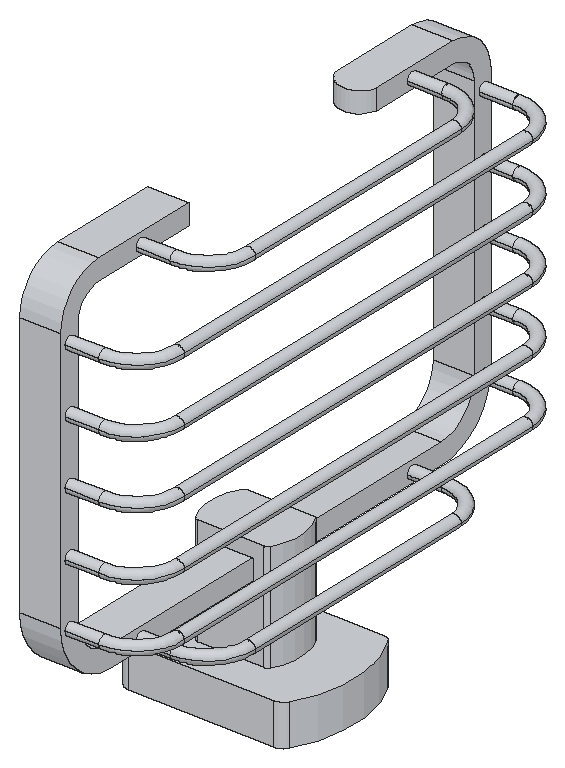
Revit family "01-2554-11 JABONERA REJILLA METALICA (EVO) PORTOBELLO", category Plumbing Fixtures, host Face, Revit 2018
Family settings
  Host = Face
  Round Connector Dimension = Use Diameter
  Part Type = Normal
  OmniClass Number = 23.31.11.00
  Cut with Voids When Loaded = No
  Shared = No
  Room Calculation Point = No
Parameters (values of type "01-2554-11")
  Waste Water Outlet = ""
  Metal laton cromado = Metal Laton Cromado
  Link Ficha Tecnica = "http://infotecnica.gricol.com/FT_01255411.pdf"
  Waste Connection = 1 = 0  # no
  Vent Connection = 1 = 0  # no
  URL = "https://www.gricol.com/"
  Type Image = <None>
  Product Name = "JABONERA REJILLA METALICA (EVO) PORTOBELLO"  # constant formula
  Largo rejilla = 131.0 mm
  Ancho Soporte = 33.0 mm
  Alto jabonera = 30.0 mm
  Alto Soporte = 48.5 mm
  Model = "01-2554-11"  # constant formula
  Manufacturer = "Gricol"  # constant formula
  HW Connection = 1 = 1  # yes
  Description = "Jabonera"  # constant formula
  Default Elevation = 0.0 mm
  Date Modified = ""
  Date Created = "05/28/2020"  # constant formula
  Copyright = "All rights reserved © Gricol - 2020."  # constant formula
  CW Connection = 1 = 1  # yes
  Assembly Code = ""
  Ancho rejilla = 91.0 mm
Reference planes
  plane 1 "Center (Front/Back)": y = 0
  plane 2: z = 0
  plane 3 "Center (Left/Right)": x = 0
  plane 4: z = 118.709
  plane 5: z = 27.709
  plane 6: x = 25
  plane 7: y = -16.5
  plane 8: y = 16.5
  plane 9: x = -5
  plane 10: y = -65.5
  plane 11: y = 65.5
Dimensions and locks
  "Ancho rejilla": plane 4 to plane 5
  "Ancho Soporte": plane 8 to plane 7
  "Largo rejilla": plane 11 to plane 10
  aligned and locked: plane 2 to host face
  aligned and locked: level to host face
Automatic sketch dimensions
  host sketch curve to host sketch curve = 248.9 mm
  host sketch curve to host sketch curve = 189.326 mm
Nested families
  nested 1: "JABONERA REJILLA METALICA (EVO) PORTOBELLO" at (0, 0, 0) x (0, -1, 0) z (0, 0, 1), type "JABONERA REJILLA METALICA (EVO) PORTOBELLO"
Definition of nested family "JABONERA REJILLA METALICA (EVO) PORTOBELLO"
  Parameters (values of type "JABONERA REJILLA METALICA (EVO) PORTOBELLO")
    Profundidad soporte = 75.0 mm
    Material = none
    Ancho = 131.0 mm
    Ancho soporte = 22.0 mm
    Alto jabonera = 37.0 mm
  Reference planes
    plane 1 "Center (Front/Back)": y = 0
    plane 2: z = 0
    plane 3 "Center (Left/Right)": x = 0
    plane 4: z = 118.709
    plane 5: y = 23.5
    plane 6: z = 27.709
    plane 7: y = -25
  Forms (mm)
    Sweep 1, solid
      path origin (-87.941, -0.547, 16.25) x (1, 0, 0) y (0, 1, 0)
        loop
          line (24.793, -4.453) -> (24.793, -12.932)
          arc (24.793, -12.932) -> (27.722, -20.003) -> (34.793, -22.932) r 10
          line (34.793, -22.932) -> (140.988, -22.932)
          arc (140.988, -22.932) -> (148.059, -20.003) -> (150.988, -12.932) r 10
          line (150.988, -12.932) -> (150.988, -4.453)
      profile origin (-63.148, -9.239, 16.25) x (1, 0, 0) y (0, 0, 1)
        loop
          circle (0, 25.625) r 1.5
    Sweep 2, solid
      path origin (-87.941, -0.547, 78.75) x (1, 0, 0) y (0, 1, 0)
        loop
          line (24.793, -4.453) -> (24.793, -12.932)
          arc (24.793, -12.932) -> (27.722, -20.003) -> (34.793, -22.932) r 10
          line (34.793, -22.932) -> (140.988, -22.932)
          arc (140.988, -22.932) -> (148.059, -20.003) -> (150.988, -12.932) r 10
          line (150.988, -12.932) -> (150.988, -4.453)
      profile origin (-63.148, -9.239, 78.75) x (1, 0, 0) y (0, 0, 1)
        loop
          circle (0, 25.625) r 1.5
    Sweep 3, solid
      path origin (-87.941, -0.547, 31.875) x (1, 0, 0) y (0, 1, 0)
        loop
          line (24.793, -4.453) -> (24.793, -12.932)
          arc (24.793, -12.932) -> (27.722, -20.003) -> (34.793, -22.932) r 10
          line (34.793, -22.932) -> (140.988, -22.932)
          arc (140.988, -22.932) -> (148.059, -20.003) -> (150.988, -12.932) r 10
          line (150.988, -12.932) -> (150.988, -4.453)
      profile origin (-63.148, -9.239, 31.875) x (1, 0, 0) y (0, 0, 1)
        loop
          circle (0, 25.625) r 1.5
    Sweep 4, solid
      path origin (-87.941, -0.547, 47.5) x (1, 0, 0) y (0, 1, 0)
        loop
          line (24.793, -4.453) -> (24.793, -12.932)
          arc (24.793, -12.932) -> (27.722, -20.003) -> (34.793, -22.932) r 10
          line (34.793, -22.932) -> (140.988, -22.932)
          arc (140.988, -22.932) -> (148.059, -20.003) -> (150.988, -12.932) r 10
          line (150.988, -12.932) -> (150.988, -4.453)
      profile origin (-63.148, -9.239, 47.5) x (1, 0, 0) y (0, 0, 1)
        loop
          circle (0, 25.625) r 1.5
    Sweep 5, solid
      path origin (-87.941, -0.547, 63.125) x (1, 0, 0) y (0, 1, 0)
        loop
          line (24.793, -4.453) -> (24.793, -12.932)
          arc (24.793, -12.932) -> (27.722, -20.003) -> (34.793, -22.932) r 10
          line (34.793, -22.932) -> (140.988, -22.932)
          arc (140.988, -22.932) -> (148.059, -20.003) -> (150.988, -12.932) r 10
          line (150.988, -12.932) -> (150.988, -4.453)
      profile origin (-63.148, -9.239, 63.125) x (1, 0, 0) y (0, 0, 1)
        loop
          circle (0, 25.625) r 1.5
    Sweep 6, solid
      path origin (-67.663, -0.547, 75.016) x (1, 0, 0) y (0, 1, 0)
        loop
          line (26.297, -4.453) -> (26.297, -12.932)
          arc (26.297, -12.932) -> (29.226, -20.003) -> (36.297, -22.932) r 10
          line (36.297, -22.932) -> (99.029, -22.932)
          arc (99.029, -22.932) -> (106.1, -20.003) -> (109.029, -12.932) r 10
          line (109.029, -12.932) -> (109.029, -4.453)
      profile origin (-41.366, -9.239, 75.016) x (1, 0, 0) y (0, 0, 1)
        loop
          circle (0, 41.25) r 1.5
    Sweep 7, solid
      path origin (-67.663, -0.547, -10.984) x (1, 0, 0) y (0, 1, 0)
        loop
          line (26.297, -4.453) -> (26.297, -12.932)
          arc (26.297, -12.932) -> (29.226, -20.003) -> (36.297, -22.932) r 10
          line (36.297, -22.932) -> (99.029, -22.932)
          arc (99.029, -22.932) -> (106.1, -20.003) -> (109.029, -12.932) r 10
          line (109.029, -12.932) -> (109.029, -4.453)
      profile origin (-41.366, -9.239, -10.984) x (1, 0, 0) y (0, 0, 1)
        loop
          circle (0, 41.25) r 1.5
    Extrusion 8, solid
      sketch origin (-183.422, -5, 78.456) x (-1, 0, 0) y (0, 0, 1)
        loop
          arc (-132.922, -50.746) -> (-122.315, -46.353) -> (-117.922, -35.746) r 15
          line (-117.922, -35.746) -> (-117.922, 28.736)
          arc (-117.922, 28.736) -> (-121.296, 36.88) -> (-129.44, 40.254) r 11.518
          line (-129.44, 40.254) -> (-156.922, 40.254) -> (-156.922, 35.254) -> (-129.44, 35.254)
          arc (-129.44, 35.254) -> (-124.831, 33.345) -> (-122.922, 28.736) r 6.518
          line (-122.922, 28.736) -> (-122.922, -35.746)
          arc (-122.922, -35.746) -> (-125.851, -42.818) -> (-132.922, -45.746) r 10
          line (-132.922, -45.746) -> (-233.922, -45.746)
          arc (-233.922, -45.746) -> (-240.993, -42.818) -> (-243.922, -35.746) r 10
          line (-243.922, -35.746) -> (-243.922, 28.736)
          arc (-243.922, 28.736) -> (-242.013, 33.345) -> (-237.404, 35.254) r 6.518
          line (-237.404, 35.254) -> (-209.922, 35.254) -> (-209.922, 40.254) -> (-237.404, 40.254)
          arc (-237.404, 40.254) -> (-245.549, 36.88) -> (-248.922, 28.736) r 11.518
          line (-248.922, 28.736) -> (-248.922, -35.746)
          arc (-248.922, -35.746) -> (-244.529, -46.353) -> (-233.922, -50.746) r 15
          line (-233.922, -50.746) -> (-132.922, -50.746)
      from 0 to 10
    Extrusion 9, void
      sketch origin (74.5, -5, 99.239) x (1, 0, 0) y (0, 1, 0)
        loop
          line (-105.206, 0) -> (-100.96, 0) -> (-100.96, 10) -> (-105.206, 10)
          arc (-105.206, 10) -> (-101.319, 5) -> (-105.206, 0) r 5.159
      from 14.47 to 19.47
    Extrusion 10, void
      sketch origin (-74.394, -5, 99.239) x (-1, 0, 0) y (0, -1, 0)
        loop
          arc (-105.206, 0) -> (-101.319, -5) -> (-105.206, -10) r 5.159
          line (-105.206, -10) -> (-100.96, -10) -> (-100.96, 0) -> (-105.206, 0)
      from 14.47 to 19.47
    Extrusion 11, solid, not visible
      sketch origin (-95.422, -5, 37.993) x (-1, 0, 0) y (0, 0, 1)
        loop
          arc (-132.922, -50.746) -> (-122.315, -46.353) -> (-117.922, -35.746) r 15
          line (-117.922, -35.746) -> (-117.922, 28.736)
          arc (-117.922, 28.736) -> (-121.296, 36.88) -> (-129.44, 40.254) r 11.518
          line (-129.44, 40.254) -> (-156.922, 40.254) -> (-156.922, 35.254) -> (-129.44, 35.254)
          arc (-129.44, 35.254) -> (-124.831, 33.345) -> (-122.922, 28.736) r 6.518
          line (-122.922, 28.736) -> (-122.922, -35.746)
          arc (-122.922, -35.746) -> (-125.851, -42.818) -> (-132.922, -45.746) r 10
          line (-132.922, -45.746) -> (-233.922, -45.746)
          arc (-233.922, -45.746) -> (-240.993, -42.818) -> (-243.922, -35.746) r 10
          line (-243.922, -35.746) -> (-243.922, 28.736)
          arc (-243.922, 28.736) -> (-242.013, 33.345) -> (-237.404, 35.254) r 6.518
          line (-237.404, 35.254) -> (-209.922, 35.254) -> (-209.922, 40.254) -> (-237.404, 40.254)
          arc (-237.404, 40.254) -> (-245.549, 36.88) -> (-248.922, 28.736) r 11.518
          line (-248.922, 28.736) -> (-248.922, -35.746)
          arc (-248.922, -35.746) -> (-244.529, -46.353) -> (-233.922, -50.746) r 15
          line (-233.922, -50.746) -> (-132.922, -50.746)
      from 0 to 10
    Extrusion 12, void, not visible
      sketch origin (162.5, -5, 58.776) x (1, 0, 0) y (0, 1, 0)
        loop
          line (-105.206, 0) -> (-100.96, 0) -> (-100.96, 10) -> (-105.206, 10)
          arc (-105.206, 10) -> (-101.319, 5) -> (-105.206, 0) r 5.159
      from 14.47 to 19.47
    Extrusion 13, void, not visible
      sketch origin (13.606, -5, 58.776) x (-1, 0, 0) y (0, -1, 0)
        loop
          arc (-105.206, 0) -> (-101.319, -5) -> (-105.206, -10) r 5.159
          line (-105.206, -10) -> (-100.96, -10) -> (-100.96, 0) -> (-105.206, 0)
      from 14.47 to 19.47
    Extrusion 14, void
      sketch origin (0, 0, -0.156) x (0, 1, 0) y (0, 0, 1)
        loop
          line (5.685, 33.154) -> (-5.445, 33.154) -> (-5.445, 27.709) -> (5.685, 27.709) -> (5.685, 33.154)
      from -10.673 to 12.975
    Extrusion 15, solid
      sketch origin (-12.885, 20.296, 0) x (1, 0, 0) y (0, 1, 0)
        loop
          arc (-3.615, -37.949) -> (-3.211, -39.453) -> (-2.107, -40.552) r 3
          arc (-2.107, -40.552) -> (12.885, -44.546) -> (27.878, -40.552) r 30.134
          arc (27.878, -40.552) -> (28.981, -39.453) -> (29.385, -37.949) r 3
          line (29.385, -37.949) -> (29.385, -2.643)
          arc (29.385, -2.643) -> (28.981, -1.139) -> (27.878, -0.041) r 3
          arc (27.878, -0.041) -> (12.885, 3.954) -> (-2.107, -0.041) r 30.134
          arc (-2.107, -0.041) -> (-3.211, -1.139) -> (-3.615, -2.643) r 3
          line (-3.615, -2.643) -> (-3.615, -37.949)
      from 0 to 10
    Extrusion 16, solid
      sketch origin (-12.885, 20.296, 0) x (1, 0, 0) y (0, 1, 0)
        loop
          arc (5.401, -28.304) -> (5.584, -28.986) -> (6.085, -29.484) r 1.361
          arc (6.085, -29.484) -> (12.885, -31.296) -> (19.686, -29.484) r 13.669
          arc (19.686, -29.484) -> (20.186, -28.986) -> (20.369, -28.304) r 1.361
          line (20.369, -28.304) -> (20.369, -12.289)
          arc (20.369, -12.289) -> (20.186, -11.607) -> (19.686, -11.108) r 1.361
          arc (19.686, -11.108) -> (12.885, -9.296) -> (6.085, -11.108) r 13.669
          arc (6.085, -11.108) -> (5.584, -11.607) -> (5.401, -12.289) r 1.361
          line (5.401, -12.289) -> (5.401, -28.304)
      from 10 to 36.473
  Cuts and joins
    Extrusion 9 cuts Extrusion 8
    Extrusion 14 cuts Extrusion 16
  Dimensions and locks
    equal spacing: group 3, group 5, group 6, group 7, group 4  (x3)
    Extrusion 8 sketch curve to Extrusion 8 sketch curve = 34.0 mm
    Extrusion 11 sketch curve to Extrusion 11 sketch curve = 34.0 mm
    plane 6 to plane 4 = 91.0 mm
    locked: plane 7 to plane 5 at 48.5
    plane 4 to plane 6 = 91.0 mm
    aligned and locked: plane 2 to level
  Automatic sketch dimensions
    Sweep 1 sketch curve to Sweep 1 sketch curve = 10.0 mm  (x2)
    profile plane to Sweep 1 sketch curve = 0.0 mm
    Sweep 1 sketch curve to Sweep 1 sketch curve = 106.195 mm
    Sweep 1 sketch curve to Sweep 1 sketch curve = 8.479 mm  (x2)
    profile plane to Sweep 1 sketch curve = 25.625 mm
    Sweep 2 sketch curve to Sweep 2 sketch curve = 10.0 mm  (x2)
    profile plane to Sweep 2 sketch curve = 0.0 mm
    Sweep 2 sketch curve to Sweep 2 sketch curve = 106.195 mm
    Sweep 2 sketch curve to Sweep 2 sketch curve = 8.479 mm  (x2)
    profile plane to Sweep 2 sketch curve = 25.625 mm
    Sweep 3 sketch curve to Sweep 3 sketch curve = 10.0 mm  (x2)
    profile plane to Sweep 3 sketch curve = 0.0 mm
    Sweep 3 sketch curve to Sweep 3 sketch curve = 106.195 mm
    Sweep 3 sketch curve to Sweep 3 sketch curve = 8.479 mm  (x2)
    profile plane to Sweep 3 sketch curve = 25.625 mm
    Sweep 4 sketch curve to Sweep 4 sketch curve = 10.0 mm  (x2)
    profile plane to Sweep 4 sketch curve = 0.0 mm
    Sweep 4 sketch curve to Sweep 4 sketch curve = 106.195 mm
    Sweep 4 sketch curve to Sweep 4 sketch curve = 8.479 mm  (x2)
    profile plane to Sweep 4 sketch curve = 25.625 mm
    Sweep 5 sketch curve to Sweep 5 sketch curve = 10.0 mm  (x2)
    profile plane to Sweep 5 sketch curve = 0.0 mm
    Sweep 5 sketch curve to Sweep 5 sketch curve = 106.195 mm
    Sweep 5 sketch curve to Sweep 5 sketch curve = 8.479 mm  (x2)
    profile plane to Sweep 5 sketch curve = 25.625 mm
    Sweep 6 sketch curve to plane 7 = 11.521 mm  (x2)
    Sweep 6 sketch curve to Sweep 6 sketch curve = 10.0 mm
    plane 1 "Center (Front/Back)" to Sweep 6 sketch curve = 5.0 mm  (x2)
    profile plane to Sweep 6 sketch curve = 0.0 mm
    profile plane to Sweep 6 sketch curve = 41.25 mm
    Sweep 7 sketch curve to plane 7 = 11.521 mm  (x2)
    Sweep 7 sketch curve to Sweep 7 sketch curve = 10.0 mm
    plane 1 "Center (Front/Back)" to Sweep 7 sketch curve = 5.0 mm  (x2)
    profile plane to Sweep 7 sketch curve = 0.0 mm
    profile plane to Sweep 7 sketch curve = 41.25 mm
    Extrusion 8 sketch curve to Extrusion 8 sketch curve = 0.0 mm  (x8)
    Extrusion 8 sketch curve to Extrusion 8 sketch curve = 5.0 mm
    Extrusion 8 sketch curve to Extrusion 8 sketch curve = 6.518 mm  (x2)
    Extrusion 8 sketch curve to Extrusion 8 sketch curve = 10.0 mm
    Extrusion 8 sketch curve to Extrusion 8 sketch curve = 53.0 mm
    Extrusion 8 sketch curve to Extrusion 8 sketch curve = 24.0 mm
    Extrusion 8 sketch curve to Extrusion 8 sketch curve = 27.482 mm
    Extrusion 8 sketch curve to Extrusion 8 sketch curve = 64.482 mm  (x2)
    Extrusion 9 sketch curve to Extrusion 9 sketch curve = 1.272 mm  (x2)
    Extrusion 9 sketch curve to Extrusion 9 sketch curve = 4.246 mm
    Extrusion 9 sketch curve to Extrusion 9 sketch curve = 5.0 mm
    Extrusion 10 sketch curve to Extrusion 10 sketch curve = 1.272 mm  (x2)
    Extrusion 10 sketch curve to Extrusion 10 sketch curve = 4.246 mm
    Extrusion 10 sketch curve to Extrusion 10 sketch curve = 5.0 mm
    Sweep 6 sketch curve to plane 3 "Center (Left/Right)" = 31.366 mm
    Sweep 7 sketch curve to plane 3 "Center (Left/Right)" = 31.366 mm
    plane 3 "Center (Left/Right)" to Sweep 6 sketch curve = 31.366 mm
    plane 3 "Center (Left/Right)" to Sweep 7 sketch curve = 31.366 mm
    plane 1 "Center (Front/Back)" to Extrusion 14 sketch curve = 5.445 mm
    plane 6 to Extrusion 14 sketch curve = 0.156 mm
    Extrusion 14 sketch curve to plane 1 "Center (Front/Back)" = 5.685 mm
    Extrusion 14 sketch curve to plane 6 = 5.289 mm
    Extrusion 15 sketch curve to plane 3 "Center (Left/Right)" = 0.0 mm  (x2)
    Extrusion 15 sketch curve to plane 3 "Center (Left/Right)" = 13.5 mm  (x2)
    Extrusion 15 sketch curve to Extrusion 15 sketch curve = 3.0 mm  (x2)
    plane 3 "Center (Left/Right)" to Extrusion 15 sketch curve = 13.5 mm  (x2)
    Extrusion 15 sketch curve to plane 7 = 7.347 mm  (x2)
    plane 1 "Center (Front/Back)" to Extrusion 15 sketch curve = 5.884 mm
    Extrusion 15 sketch curve to plane 1 "Center (Front/Back)" = 5.884 mm
    plane 5 to Extrusion 15 sketch curve = 5.847 mm  (x2)
    Extrusion 15 sketch curve to Extrusion 15 sketch curve = 0.0 mm  (x2)
    Extrusion 16 sketch curve to plane 3 "Center (Left/Right)" = 0.0 mm  (x2)
    Extrusion 16 sketch curve to plane 3 "Center (Left/Right)" = 6.124 mm  (x2)
    Extrusion 16 sketch curve to Extrusion 16 sketch curve = 1.361 mm  (x2)
    plane 3 "Center (Left/Right)" to Extrusion 16 sketch curve = 6.124 mm  (x2)
    plane 1 "Center (Front/Back)" to Extrusion 16 sketch curve = 8.007 mm  (x2)
    plane 1 "Center (Front/Back)" to Extrusion 16 sketch curve = 2.669 mm
    Extrusion 16 sketch curve to plane 1 "Center (Front/Back)" = 2.669 mm
    Extrusion 16 sketch curve to plane 1 "Center (Front/Back)" = 8.007 mm  (x2)
    Extrusion 16 sketch curve to Extrusion 16 sketch curve = 0.0 mm  (x2)
    radius of Sweep 1 sketch curve = 1.5 mm
    radius of Sweep 2 sketch curve = 1.5 mm
    radius of Sweep 3 sketch curve = 1.5 mm
    radius of Sweep 4 sketch curve = 1.5 mm
    radius of Sweep 5 sketch curve = 1.5 mm
    radius of Sweep 6 sketch curve = 1.5 mm
    radius of Sweep 7 sketch curve = 1.5 mm
